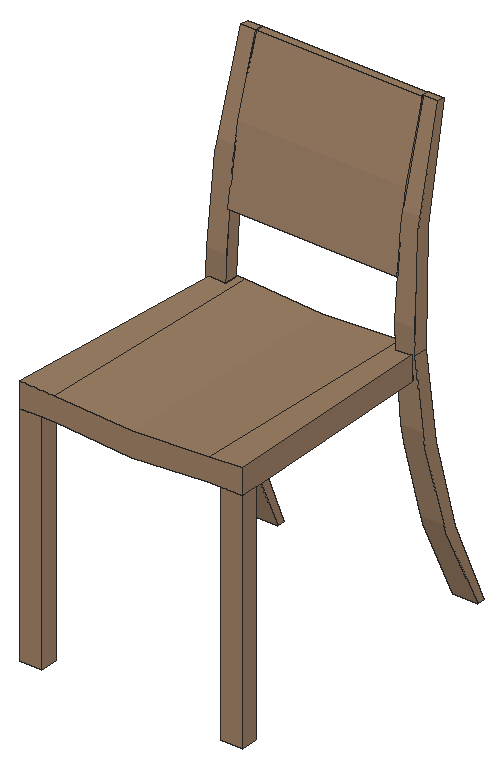
Revit family "e2c1d3c4bb1444658d46af3c61375ff2", category Mobilier, Revit 2021
Family settings
  Basée sur le plan de construction = Non
  Toujours verticalement = Oui
  Couper avec des vides une fois chargée = Non
  Partagée = Non
  Point de calcul de pièce = Non
Parameters
  Manufacturer = ""
  Matériau = Bois - Teck
  Elévation par défaut = 0 mm
Reference planes
  plane 1 "Centre (avant/arrière)": y = 0
  plane 2: z = 0
  plane 3 "Centre (gauche/droite)": x = 0
Forms (mm)
  Extrusion 1, solid, material "Bois - Teck" <- "Matériau"
    sketch origin (179.646, 0, 0) x (0, 1, 0) y (0, 0, 1)
      loop
        line (0, 453.04) -> (0, 0) -> (34.744, 0) -> (34.744, 453.04) -> (0, 453.04)
    from 0 to 43
  Extrusion 2, solid, material "Bois - Teck" <- "Matériau"
    sketch origin (-222.646, 0, 0) x (0, 1, 0) y (0, 0, 1)
      loop
        line (0, 453.04) -> (0, 0) -> (34.744, 0) -> (34.744, 453.04) -> (0, 453.04)
    from 0 to 43
  Extrusion 3, solid, material "Bois - Teck" <- "Matériau"
    sketch origin (0, 0, 0) x (1, 0, 0) y (0, 0, 1)
      loop
        line (-222.646, 453.04) -> (-179.646, 453.04) -> (-153.363, 453.04)
        arc (-153.363, 453.04) -> (0, 443.013) -> (153.363, 453.04) r 1177.851
        line (153.363, 453.04) -> (179.646, 453.04) -> (222.646, 453.04) -> (222.646, 502.945) -> (155.483, 499.216)
        arc (155.483, 499.216) -> (0, 490.95) -> (-155.483, 499.216) r 1466.446
        line (-155.483, 499.216) -> (-222.646, 502.945) -> (-222.646, 453.04)
    from -476.488 to 0
  Extrusion 4, void
    sketch origin (0, 0, 0) x (1, 0, 0) y (0, 1, 0)
      loop
        line (-222.646, 0) -> (-202.123, 447.459) -> (-196.396, 572.328) -> (-276.396, 572.328) -> (-326.123, -72.73) -> (393.877, -72.73) -> (393.877, 627.27) -> (193.877, 627.27) -> (202.124, 447.459) -> (222.646, 0) -> (-222.646, 0)
    from 0 to 708.956
  Extrusion 5, solid, material "Bois - Teck" <- "Matériau"
    sketch origin (0, 0, 0) x (0, 1, 0) y (0, 0, 1)
      loop
        arc (534.714, 957.66) -> (448.53, 474.734) -> (584.181, 3.307) r 1083.341
        line (584.181, 3.307) -> (598.919, 3.307)
        arc (598.919, 3.307) -> (475.099, 475.234) -> (547.983, 957.66) r 1208.455
        line (547.983, 957.66) -> (534.714, 957.66)
    from -284.915 to 269.7
  Extrusion 6, void
    sketch origin (0, 0, 0) x (1, 0, 0) y (0, 0, 1)
      loop
        line (-196.721, 922.805) -> (-167.062, 922.805) -> (-170.054, 500.025) -> (-175.332, 0) -> (175.332, 0) -> (170.054, 500.025) -> (167.062, 922.805) -> (196.721, 922.805) -> (209.621, 502.222) -> (230.468, -177.459) -> (370.468, -177.459) -> (370.468, 1042.541) -> (-370.468, 1042.541) -> (-370.468, -177.459) -> (-230.468, -177.459) -> (-209.621, 502.222) -> (-196.721, 922.805)
    from -988.47 to 43
  Extrusion 7, solid, material "Bois - Teck" <- "Matériau"
    sketch origin (-167.062, -43, 922.805) x (-0.007077, 0, -0.999975) y (0, 1, 0)
      loop
        line (291.659, 494.682) -> (291.659, 519.851)
        arc (291.659, 519.851) -> (144.01, 540.282) -> (0, 578.734) r 1208.513
        line (0, 578.734) -> (0, 563.264)
        arc (0, 563.264) -> (143.447, 518.842) -> (291.659, 494.682) r 1083.392
    from 0 to 353.623
  Extrusion 8, void
    sketch origin (0, 0, 0) x (1, 0, 0) y (0, 0, 1)
      loop
        line (169.406, 591.608) -> (227.061, 591.608) -> (227.061, 922.805) -> (167.061, 922.805) -> (169.406, 591.608)
    from -663.734 to 43
Cuts and joins
  Extrusion 4, Extrusion 8 cuts Extrusion 1
  Extrusion 4, Extrusion 8 cuts Extrusion 2
  Extrusion 4, Extrusion 8 cuts Extrusion 3
  Extrusion 6 cuts Extrusion 5
  Extrusion 8 cuts Extrusion 7
